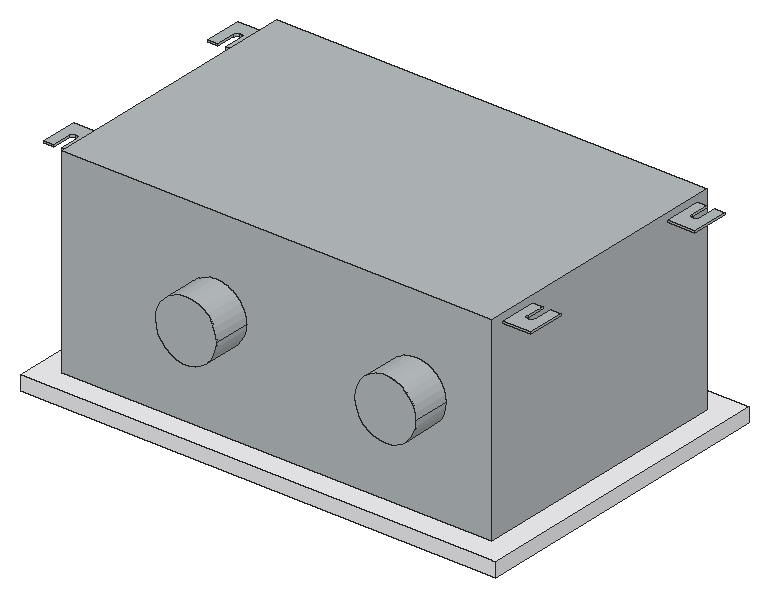
Revit family "lgh-n15_25dc_50Hz", category 機械設備, Revit 2019
Family settings
  丸型コネクタ寸法 = 直径を使用
  パーツ タイプ = 標準
  OmniClass 番号 = 23.75.10.34.21
  OmniClass タイトル = Heat Exchangers for Ventilation Air
  作業面ベース = いいえ
  常に垂直 = はい
  ロード時にボイドで切り取り = いいえ
  共有 = いいえ
  部屋計算ポイント = はい
Parameters (values of type "LGH-N10DC")
  騒音レベル(dB(A)) = 30
  風量 = 100.0 m³/h
  面風速 = 3.54 m/s
  電源種別 [instance] = "一般"
  電圧 = 100 V
  電動機出力 = 0 W
  集中コントローラ = ""
  運転質量 = 0.00 kg
  連動 [instance] = ""
  質量 = if(製品質量 > 運転質量, 製品質量, 運転質量) * 1.2  # 18.00 kg
  負荷分類 = 3_ファン類
  説明 = "業務用ロスナイ パワー脱臭カセット形"
  設計風量 = 0.0 m³/h
  設置方法 = "カセット形"
  記号 [instance] = ""
  製造元 = "MITSIBISHI ELECTRIC"
  製品質量 = 15.00 kg
  製品出荷対象 = "国内"
  製品リリース年月 = "2013/7/1"
  製品グループ = ""
  系統 [instance] = ""
  符号 = "HEU"
  積算_科目 = "1 空気調和設備"
  積算_拾い区分 [instance] = ""
  相 = 1
  盤記号 [instance] = ""
  発停方法 [instance] = "別売スイッチ"
  特殊仕様 [instance] = ""
  火災停止 [instance] = ""
  温度交換効率 = 60.00%
  消費電力 = 26 W
  法定耐用年数 = "15"
  機外静圧_排気 = 0.0 Pa
  機外静圧 = 0.0 Pa
  構成部品 = "パネル"
  極数 = 1
  材質 [instance] = ""
  本体マテリアル = 溶融亜鉛めっき鋼板
  操作・制御方式 = ""
  操作・制御スイッチ = ""
  排気量 = 0.0 m³/h
  形式 = "カセット形"
  幹線記号 [instance] = ""
  対象室 [instance] = ""
  実風量 = 0.0 m³/h
  始動方式 [instance] = "直入"
  天吊金具_径 = 6.5 mm
  天吊金具_幅 = 30 mm
  外気量 = 0.0 m³/h
  呼称 = "全熱交換ユニット"
  周波数 = 50 Hz
  天吊金具ピッチ2 = 330 mm
  天吊金具ピッチ1 = 736 mm
  天吊金具_高さ = 10 mm
  参照している仕様書等のバージョン = ""
  初期抵抗 = 0.0 Pa
  分類コード = "50052504100080"
  分類グループ = ""
  価格 = 120000
  企業コード = "108420"
  付属品_フィルター_還気 = ""
  付属品_フィルター = ""
  付属品 [instance] = ""
  仕様書バージョン = "Version1.0"
  モデル = "LGH-N10DC"
  パネルマテリアル = 樹脂成形
  コメント [instance] = ""
  Keynote = ""
  エンタルピ交換効率_暖房 = 48.00%
  エンタルピ交換効率_冷房 = 41.00%
  Assembly Code = ""
  Width = 690 mm
  Version = ""
  Uniclass2015Version = "Systems v1.9"
  Uniclass2015Title = "Thermal wheels"
  Uniclass2015Code = "Pr_60_60_36_88"
  URL = "https://www.mitsubishielectric.co.jp/ldg/wink/ssl/displayProduct.do?pid=212457"
  SpecificationReference = ""
  SpecificationDescription = ""
  Panel_Center = 0 mm
  Duct_W = 123 mm
  SAサイズ_D = 0 mm
  Revision = ""
  RAサイズ_D = 0 mm
  ProductInformation = ""
  OmniClassCode = "23-27 23 19 11"
  OAサイズ_W = 0 mm
  OAサイズ_D = 97.5 mm
  MIN風量 = 60.0 m³/h
  MIN静圧 = 0.0 Pa
  MAX風量 = 100.0 m³/h
  MAX静圧 = 0.0 Pa
  IfcTypeProduct = ""
  IfcProduct = ""
  IfcExportType = "ROTARYWHEEL"
  IfcExportAs = "IfcAirToAirHeatRecoveryType"
  Height = 318 mm
  EAサイズ_W = 0 mm
  EAサイズ_D = 97.5 mm
  Duct_Pitch = 320 mm
  Duct_Height = 145 mm
  Duct_Depth = 60 mm
  Depth = 430 mm
  Panel_Width = 763 mm
  Panel_Height = 23 mm
  Panel_Depth = 506 mm
  Author = "MITSUBISHI ELECTRIC"
Types (3, lengths in mm): name | 騒音レベル(dB(A)) | 風量 | 面風速 | 質量 | 製品質量 | 消費電力 | 天吊金具ピッチ2 | 天吊金具ピッチ1 | 価格 | モデル | エンタルピ交換効率_暖房 | エンタルピ交換効率_冷房 | Width | URL | Panel_Center | Duct_W | OAサイズ_D | MIN風量 | MAX風量 | Height | EAサイズ_D | Duct_Pitch | Duct_Height | Duct_Depth | Depth | Panel_Width | Panel_Depth
  LGH-N10DC | 30 | 100.0 m³/h | 3.54 m/s | 18.00 kg | 15.00 kg | 26 W | 330 | 736 | 120000 | "LGH-N10DC" | 48.00% | 41.00% | 690 | "https://www.mitsubishielectric.co.jp/ldg/wink/ssl/displayProduct.do?pid=212457" | 0 | 123 | 97.5 | 60.0 m³/h | 100.0 m³/h | 318 | 97.5 | 320 | 145 | 60 | 430 | 763 | 506
  LGH-N15DC | 31 | 135.0 m³/h | 4.77 m/s | 21.60 kg | 18.00 kg | 43 W | 330 | 926 | 150000 | "LGH-N15DC" | 50.00% | 40.00% | 880 | "https://www.mitsubishielectric.co.jp/ldg/wink/ssl/displayProduct.do?pid=212458" | 95 | 123 | 97.5 | 80.0 m³/h | 135.0 m³/h | 350 | 97.5 | 405 | 145 | 90 | 430 | 763 | 506
  LGH-N25DC | 36 | 250.0 m³/h | 3.93 m/s | 30.00 kg | 25.00 kg | 88 W | 420 | 926 | 193000 | "LGH-N25DC" | 55.00% | 42.00% | 880 | "https://www.mitsubishielectric.co.jp/ldg/wink/ssl/displayProduct.do?pid=212045" | 0 | 137 | 142 | 140.0 m³/h | 250.0 m³/h | 390 | 142 | 450 | 115 | 60 | 520 | 955 | 596
Reference planes
  plane 1 "中心(正面/背面)": y = 0
  plane 2: z = 0
  plane 3 "中心(左/右)": x = 0
  plane 4: x = -345
  plane 5: x = 345
  plane 6: y = 215
  plane 7: y = -215
  plane 8: z = 173
  plane 9: x = -98
  plane 10: x = 222
  plane 11: y = -275
  plane 12: x = -368
  plane 13: x = 368
  plane 14: y = 165
  plane 15: y = -165
  plane 16: y = 195
  plane 17: y = 135
  plane 18: y = -135
  plane 19: y = -195
  plane 20: z = 308
  plane 21: z = 305
  plane 22: x = -381.5
  plane 23: y = 253
  plane 24: y = -253
  plane 25: x = 381.5
  plane 26: z = -23
  plane 27: x = -390.5
  plane 28: x = 390.5
  plane 29: z = 318
  plane 30: x = 0
Forms (mm)
  Extrusion 1, solid, material "溶融亜鉛めっき鋼板" <- "本体マテリアル", detail levels fine
    sketch origin (0, 0, 0) x (1, 0, 0) y (0, 1, 0)
      loop
        line (-345, 215) -> (-345, -215) -> (345, -215) -> (345, 215) -> (-345, 215)
    from 318 to 0
  Extrusion 2, solid, material "溶融亜鉛めっき鋼板" <- "本体マテリアル", detail levels fine
    sketch origin (510, -445, 0) x (-1, 0, 0) y (0, 0, -1)
      loop
        circle (288, -173) r 48.75
    from -230 to -170
  Extrusion 3, solid, material "溶融亜鉛めっき鋼板" <- "本体マテリアル", detail levels fine
    sketch origin (-510, -445, 0) x (1, 0, 0) y (0, 0, 1)
      loop
        circle (412, 173) r 48.75
    from -230 to -170
  Extrusion 4, solid, material "樹脂成形" <- "パネルマテリアル"
    sketch origin (0, 0, 0) x (1, 0, 0) y (0, 1, 0)
      loop
        line (-381.5, 253) -> (-381.5, -253) -> (381.5, -253) -> (381.5, 253) -> (-381.5, 253)
    from -23 to 0
  Extrusion 5, solid, material "溶融亜鉛めっき鋼板"
    sketch origin (0, 0, 0) x (1, 0, 0) y (0, 1, 0)
      loop
        line (-345, 195) -> (-390.5, 195) -> (-390.5, 135) -> (-374.5, 135) -> (-374.5, 165)
        arc (-374.5, 165) -> (-368, 171.5) -> (-361.5, 165) r 6.5
        line (-361.5, 165) -> (-361.5, 135) -> (-345, 135) -> (-345, 195)
    from 305 to 308
  Extrusion 6, solid, material "溶融亜鉛めっき鋼板"
    sketch origin (0, 0, 0) x (1, 0, 0) y (0, 1, 0)
      loop
        line (-345, -135) -> (-390.5, -135) -> (-390.5, -195) -> (-374.5, -195) -> (-374.5, -165)
        arc (-374.5, -165) -> (-368, -158.5) -> (-361.5, -165) r 6.5
        line (-361.5, -165) -> (-361.5, -195) -> (-345, -195) -> (-345, -135)
    from 305 to 308
  Extrusion 7, solid, material "溶融亜鉛めっき鋼板"
    sketch origin (0, 0, 0) x (-1, 0, 0) y (0, -1, 0)
      loop
        line (-345, 195) -> (-390.5, 195) -> (-390.5, 135) -> (-374.5, 135) -> (-374.5, 165)
        arc (-374.5, 165) -> (-368, 171.5) -> (-361.5, 165) r 6.5
        line (-361.5, 165) -> (-361.5, 135) -> (-345, 135) -> (-345, 195)
    from 305 to 308
  Extrusion 8, solid, material "溶融亜鉛めっき鋼板"
    sketch origin (0, 420, 0) x (-1, 0, 0) y (0, -1, 0)
      loop
        line (-345, 285) -> (-390.5, 285) -> (-390.5, 225) -> (-374.5, 225) -> (-374.5, 255)
        arc (-374.5, 255) -> (-368, 261.5) -> (-361.5, 255) r 6.5
        line (-361.5, 255) -> (-361.5, 225) -> (-345, 225) -> (-345, 285)
    from 305 to 308
Lines and regions (mm)
  Masking region 1, detail levels coarse+medium
    outline origin (1326.5, 29, 0) x (1, 0, 0) y (0, 1, 0)
      loop
        line (-1671.5, 186) -> (-1671.5, -244) -> (-981.5, -244) -> (-981.5, 186) -> (-1671.5, 186)
  symbolic lines, detail levels coarse+medium
    curve 1: line (0, 215, 0) -> (-345, 0, 0)
    curve 2: line (-345, 0, 0) -> (0, -215, 0)
    curve 3: line (0, -215, 0) -> (345, 0, 0)
    curve 4: line (345, 0, 0) -> (0, 215, 0)
Dimensions and locks
  equal spacing: plane 4, plane 3 "中心(左/右)", plane 5
  "Width": plane 4 to plane 5
  equal spacing: plane 6, plane 1 "中心(正面/背面)", plane 7
  "Depth": plane 6 to plane 7
  "Duct_Pitch": plane 10 to plane 9
  "Duct_Depth": plane 7 to plane 11
  equal spacing: plane 12, plane 3 "中心(左/右)", plane 13
  "天吊金具ピッチ1": plane 12 to plane 13
  equal spacing: plane 14, plane 1 "中心(正面/背面)", plane 15
  "天吊金具ピッチ2": plane 14 to plane 15
  equal spacing: plane 16, plane 14, plane 17
  locked: plane 20 to plane 21 at 3
  equal spacing: plane 23, plane 1 "中心(正面/背面)", plane 24
  "Panel_Depth": plane 23 to plane 24
  "Duct_W": plane 5 to plane 10
  equal spacing: plane 18, plane 15, plane 19
  "天吊金具_幅": plane 15 to plane 19
  "天吊金具_幅": plane 14 to plane 17
  locked: plane 27 to plane 12 at 22.5
  locked: plane 13 to plane 28 at 22.5
  "Height": plane 29 to level
  "天吊金具_高さ": plane 29 to plane 20
  "Duct_Height": plane 29 to plane 8
  "Panel_Height": level to plane 26
  "Panel_Center": plane 30 to plane 3 "中心(左/右)"
  equal spacing: plane 22, plane 30, plane 25
  "Panel_Width": plane 22 to plane 25
  "EAサイズ_D": diameter of Extrusion 3 sketch curve
  "天吊金具_径": radius of Extrusion 5 sketch curve
  "天吊金具_径": radius of Extrusion 6 sketch curve
  "天吊金具_径": radius of Extrusion 7 sketch curve
  "天吊金具_径": radius of Extrusion 8 sketch curve
  "OAサイズ_D": diameter of Extrusion 2 sketch curve
  aligned and locked: level to plane 2
  aligned and locked: plane 7 to Extrusion 2
  aligned and locked: Extrusion 2 to plane 11
  aligned and locked: Masking region 1 to plane 4
  aligned and locked: plane 5 to Masking region 1
  aligned and locked: plane 6 to Masking region 1
  aligned and locked: Masking region 1 to plane 7
  aligned and locked: plane 13 to nested 1
  aligned and locked: plane 12 to nested 1
  aligned and locked: nested 1 to plane 15
  aligned and locked: plane 14 to nested 1
  aligned and locked: Extrusion 3 to plane 11
  aligned and locked: plane 7 to Extrusion 3
  aligned and locked: Extrusion 4 sketch curve to plane 23
  aligned and locked: plane 22 to Extrusion 4 sketch curve
  aligned and locked: plane 24 to Extrusion 4 sketch curve
  aligned and locked: Extrusion 4 sketch curve to plane 25
  aligned and locked: Extrusion 4 to plane 26
  aligned and locked: plane 4 to Extrusion 5 sketch curve
  aligned and locked: plane 16 to Extrusion 5 sketch curve
  aligned and locked: Extrusion 5 sketch curve to plane 27
  aligned and locked: Extrusion 5 sketch curve to plane 17  (x2)
  aligned and locked: plane 18 to Extrusion 6 sketch curve
  aligned and locked: plane 4 to Extrusion 6 sketch curve
  aligned and locked: Extrusion 6 sketch curve to plane 27
  aligned and locked: Extrusion 6 sketch curve to plane 19  (x2)
  aligned and locked: Extrusion 7 sketch curve to plane 19
  aligned and locked: Extrusion 7 sketch curve to plane 5
  aligned and locked: Extrusion 7 sketch curve to plane 28
  aligned and locked: Extrusion 8 sketch curve to plane 28
  aligned and locked: Extrusion 8 sketch curve to plane 17
  aligned and locked: Extrusion 8 sketch curve to plane 5
  aligned and locked: plane 16 to Extrusion 8 sketch curve  (x2)
  aligned and locked: Extrusion 6 to plane 21
  aligned and locked: plane 20 to Extrusion 6
  aligned and locked: Extrusion 5 to plane 21
  aligned and locked: plane 20 to Extrusion 5
  aligned and locked: Extrusion 7 to plane 21
  aligned and locked: plane 20 to Extrusion 7
  aligned and locked: Extrusion 8 to plane 21
  aligned and locked: plane 20 to Extrusion 8
  aligned and locked: Extrusion 1 to plane 29
  aligned and locked: Extrusion 1 to level
  aligned and locked: level to Extrusion 4
Automatic sketch dimensions
  plane 1 "中心(正面/背面)" to curve 1 = 0 mm
  curve 1 to plane 4 = 0 mm
  curve 2 to plane 3 "中心(左/右)" = 0 mm
  curve 4 to plane 3 "中心(左/右)" = 0 mm
  plane 1 "中心(正面/背面)" to curve 4 = 0 mm
  curve 4 to plane 5 = 0 mm
  curve 2 to plane 7 = 0 mm
  curve 4 to plane 6 = 0 mm
  Extrusion 1 sketch curve to plane 4 = 0 mm
  Extrusion 1 sketch curve to plane 5 = 0 mm
  Extrusion 1 sketch curve to plane 7 = 0 mm
  Extrusion 1 sketch curve to plane 6 = 0 mm
  Extrusion 2 sketch curve to plane 8 = 0 mm
  Extrusion 2 sketch curve to plane 10 = 0 mm
  Masking region 1 sketch curve to plane 4 = 0 mm
  Masking region 1 sketch curve to plane 5 = 0 mm
  Masking region 1 sketch curve to plane 7 = 0 mm
  Masking region 1 sketch curve to plane 6 = 0 mm
  Extrusion 5 sketch curve to plane 14 = 0 mm
  Extrusion 5 sketch curve to plane 12 = 0 mm
  Extrusion 6 sketch curve to plane 15 = 0 mm
  Extrusion 6 sketch curve to plane 12 = 0 mm
  Extrusion 7 sketch curve to plane 18 = 0 mm  (x2)
  Extrusion 7 sketch curve to plane 15 = 0 mm
  Extrusion 7 sketch curve to plane 13 = 0 mm
  Extrusion 8 sketch curve to plane 14 = 0 mm
  Extrusion 8 sketch curve to plane 13 = 0 mm
  Extrusion 3 sketch curve to plane 8 = 0 mm
  Extrusion 3 sketch curve to plane 9 = 0 mm
Nested families
  nested 1: "固定点" at (-368, -165, 0), type "固定点"
    with W 736 mm, D 330 mm
Connectors
  hvac at (222, -275, 173), driven by "RAサイズ_D", driven by "機外静圧", driven by "風量"
    settings: on Extrusion 2, index 2, duct flow 100.0 m³/h, flow factor 0, pres drop 0.0 Pa, loss coef 0, conn angle 0.00°, conn width 304.8 mm, conn height 304.8 mm, conn diameter 0 mm, duct sys type 4, conn prof type 0, flow config 0, flow direction 1, loss method 4, conn ref index -1, conn util no, is conn primary no, conn desc ""
  hvac at (-98, -275, 173), driven by "SAサイズ_D", driven by "風量", driven by "機外静圧"
    settings: on Extrusion 3, index 10, duct flow 100.0 m³/h, flow factor 0, pres drop 0.0 Pa, loss coef 0, conn angle 0.00°, conn width 304.8 mm, conn height 304.8 mm, conn diameter 0 mm, duct sys type 3, conn prof type 0, flow config 0, flow direction 2, loss method 4, conn ref index -1, conn util no, is conn primary yes, conn desc ""
  electrical at (0, 0, 318), driven by "極数", driven by "負荷分類", driven by "電圧", driven by "消費電力"
    settings: on Extrusion 1, index 11, voltage 100 V, apparent load 26 VA, apparent load phase1 0 VA, apparent load phase2 0 VA, apparent load phase3 0 VA, power factor 1, load classification "3_ファン類", number of poles 1, system type 30, power factor state 1, is connector primary yes, connector utility no, sub classification motor no, connector description ""
Definition of nested family "固定点"
  Parameters (values of type "固定点")
    中心円 = 20 mm
    W [instance] = 1000 mm
    D [instance] = 1000 mm
  Reference planes
    plane 1 "中心(正面/背面)": y = 0
    plane 2: z = 0
    plane 3 "中心(左/右)": x = 0
    plane 4: x = 1000
    plane 5: y = 1000
  Lines and regions (mm)
    symbolic lines, detail levels fine
      curve 1: circle (0, 1000, 0) r 10 normal (0, 0, 1)
      curve 2: circle (0, 0, 0) r 10 normal (0, 0, 1)
      curve 3: circle (1000, 1000, 0) r 10 normal (0, 0, 1)
      curve 4: circle (1000, 0, 0) r 10 normal (0, 0, 1)
      curve 5: line (-200, 1000, 0) -> (1200, 1000, 0)
      curve 6: line (-200, 0, 0) -> (1200, 0, 0)
      curve 7: line (0, 1200, 0) -> (0, -200, 0)
      curve 8: line (1000, 1200, 0) -> (1000, -200, 0)
  Dimensions and locks
    "W": plane 3 "中心(左/右)" to plane 4
    "D": plane 1 "中心(正面/背面)" to plane 5
    "中心円": diameter of curve 1
    "中心円": diameter of curve 2
    "中心円": diameter of curve 3
    "中心円": diameter of curve 4
    aligned and locked: level to plane 2
    aligned and locked: plane 5 to curve 1
    aligned and locked: plane 3 "中心(左/右)" to curve 1
    aligned and locked: plane 3 "中心(左/右)" to curve 2
    aligned and locked: plane 1 "中心(正面/背面)" to curve 2
    aligned and locked: plane 4 to curve 3
    aligned and locked: plane 5 to curve 3
    aligned and locked: plane 1 "中心(正面/背面)" to curve 4
    aligned and locked: plane 4 to curve 4
    aligned and locked: plane 1 "中心(正面/背面)" to curve 6
    aligned and locked: curve 7 to plane 3 "中心(左/右)"
    aligned and locked: curve 8 to plane 4
  Automatic sketch dimensions
    curve 5 to plane 5 = 0 mm
    curve 6 to plane 3 "中心(左/右)" = 200 mm
    curve 5 to plane 3 "中心(左/右)" = 200 mm
    curve 4 to curve 6 = 200 mm
    curve 3 to curve 5 = 200 mm
    plane 1 "中心(正面/背面)" to curve 8 = 200 mm
    plane 1 "中心(正面/背面)" to curve 7 = 200 mm
    curve 3 to curve 8 = 200 mm
    curve 1 to curve 7 = 200 mm
